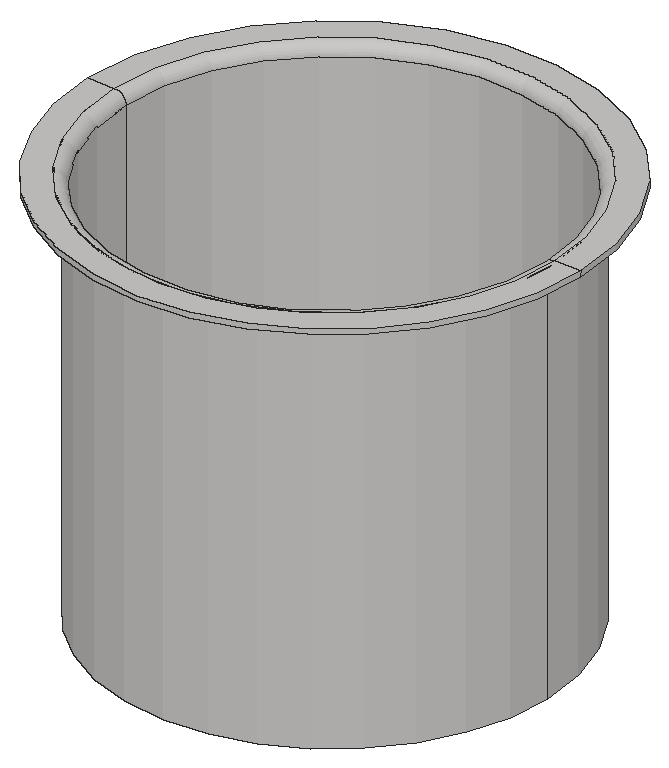
Revit family "PRD_FrankeWS_DspslChts_CHRONOSWasteDisposalChute_E-BS602E", category Specialty Equipment, host Face, Revit 2018
Family settings
  Host = Face
  Round Connector Dimension = Use Diameter
  Part Type = Normal
  OmniClass Number = 23.45.05.14.99
  OmniClass Title = Other Sanitary Washing Plumbing Fixtures
  Cut with Voids When Loaded = No
  Shared = No
  Room Calculation Point = No
Parameters (values of type "E-BS602E")
  WarrantyStartDate [instance] = "1900-12-31T23:59:59"
  WarrantyGuarantorParts = "n/a"
  WarrantyGuarantorLabor = "n/a"
  WarrantyDurationUnit = "year"
  WarrantyDurationParts = "n/a"
  WarrantyDurationLabor = "n/a"
  WarrantyDescription = "n/a"
  Version = "1"
  Uniclass2015Version = "Products v1.23"
  Uniclass2015Title = "Disposal chutes"
  Uniclass2015Code = "Pr_65_12_70_22"
  URL = "www.kwc.com"
  TypeOfMounting = "Table top mounting"
  TagNumber [instance] = "n/a"
  SustainabilityPerformance = "n/a"
  Style = "n/a"
  Status = "New"
  Size = "150 x 120 mm (D x H)"
  Shape = "cylinder"
  SerialNumber [instance] = "n/a"
  Revision = "n/a"
  ReplacementCost = "n/a"
  Reference = "n/a"
  QuantityUom = "Piece"
  Quantity = "1"
  ProductInformation = "https://pim.kwc.com/product/2000101106/attachment/datasheet?locale=en"
  NominalWidth = 0.00 mm
  NominalLength = 0.00 mm
  NominalHeight = 120.00 mm
  NominalDepth = 150.00 mm
  NetWeight = 0.49 kg
  Name = "CHRONOS Waste disposal chute E-BS602E"
  NBSTypeID = "n/a"
  NBSReference = "45-30-15/310"
  NBSOfficeMasterTag = "n/a"
  NBSNote = "n/a"
  NBSDescription = "Disposal chutes"
  NBSCertification = "n/a"
  ModelReference = "E-BS602E"
  ModelNumber = "2000101106"
  Model = ModelReference  # "E-BS602E"
  Material = "Stainless steel"
  ManufacturerURL = "www.kwc.com"
  ManufacturerName = "KWC Group AG"  # constant formula
  Manufacturer = ManufacturerName  # "KWC Group AG"
  MainMaterial = PRD_AR_StainlessSteel_SatinFinished
  MainColor = "stainless steel"
  IntegralAccessories = "n/a"
  InstallationDate [instance] = "1900-12-31T23:59:59"
  IfcExportType = "USERDEFINED"
  IfcExportAs = "IfcSanitaryTerminalType"
  GrossWeight = 0.69 kg
  Grade = "n/a"
  Finish = "satin finish"
  Features = "stainless steel, visible surfaces satin finished"
  ExpectedLife = "n/a"
  DurationUnit = "year"
  Description = "Waste disposal barrel for table top mounting, stainless steel, visible surfaces satin finished, with raised edge, opening with 127 mm inner diameter, without waste container."
  Default Elevation = 1000.00 mm
  CreatedOn = "05/2022"  # constant formula
  Constituents = "n/a"
  Color = "n/a"
  CodePerformance = "n/a"
  Category = "Pr_65_12_70_22, Disposal chutes"
  BarCode [instance] = "n/a"
  BIMObjectName = "PRD_AR_DisposalChutes_CHRONOSWasteDisposalChute_E-BS602E"
  Author = "Archispace"  # constant formula
  AssetType = "Fixed"
  AssetIdentifier [instance] = "n/a"
  AccessibilityPerformance = "n/a"
Reference planes
  plane 1 "Center (Front/Back)": y = 0
  plane 2: z = 0
  plane 3 "Center (Left/Right)": x = 0
Forms (mm)
  Revolve 1, solid, material "PRD_AR_StainlessSteel_SatinFinished" <- "MainMaterial", detail levels fine
    sketch origin (0, 0, 0) x (1, 0, 0) y (0, 0, 1)
      loop
        line (-63.5, -118.5) -> (-63.5, -2)
        arc (-63.5, -2) -> (-64.525, 0.475) -> (-67, 1.5) r 3.5
        line (-67, 1.5) -> (-75, 1.5) -> (-75, 0) -> (-67, 0)
        arc (-67, 0) -> (-65.586, -0.586) -> (-65, -2) r 2
        line (-65, -2) -> (-65, -118.5) -> (-63.5, -118.5)
      axis (0, 1.5) -> (0, -118.5)
    angle from 0 to 360
  Revolve 2, void
    sketch origin (0, 0, 0) x (1, 0, 0) y (0, 0, 1)
      loop
        line (0, -118.5) -> (0, 0) -> (-67, 0)
        arc (-67, 0) -> (-65.586, -0.586) -> (-65, -2) r 2
        line (-65, -2) -> (-65, -118.5) -> (0, -118.5)
      axis (0, 0) -> (0, -118.5)
    angle from 0 to 360
  Revolve 3, solid, material "PRD_AR_StainlessSteel_SatinFinished" <- "MainMaterial", detail levels medium
    sketch origin (0, 0, 0) x (1, 0, 0) y (0, 0, 1)
      loop
        line (-63.5, -118.5) -> (-63.5, 1.5) -> (-75, 1.5) -> (-75, 0) -> (-65, 0) -> (-65, -118.5) -> (-63.5, -118.5)
      axis (0, 1.5) -> (0, -118.5)
    angle from 0 to 360
  Revolve 4, solid, material "PRD_AR_StainlessSteel_SatinFinished" <- "MainMaterial", detail levels coarse
    sketch origin (0, 0, 0) x (1, 0, 0) y (0, 0, 1)
      loop
        line (0, -118.5) -> (0, 1.5) -> (-75, 1.5) -> (-75, 0) -> (-65, 0) -> (-65, -118.5) -> (0, -118.5)
      axis (0, 1.5) -> (0, -118.5)
    angle from 0 to 360
Dimensions and locks
  aligned and locked: plane 2 to host face
  aligned and locked: level to host face
